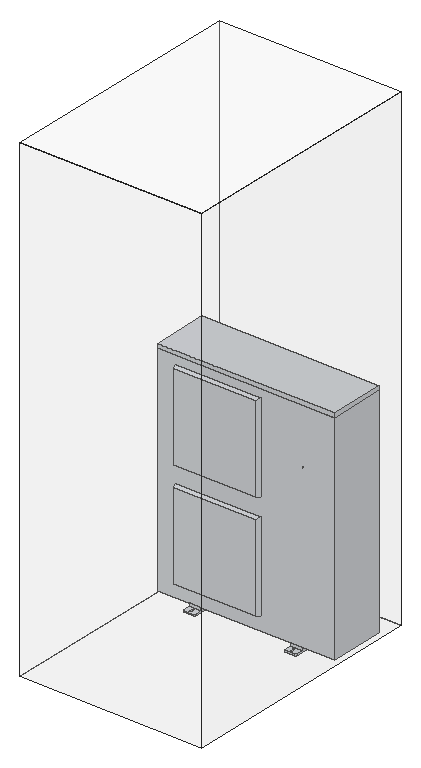
Revit family "pusy-fp80_280smh2_60hz", category 機械設備, Revit 2019
Family settings
  丸型コネクタ寸法 = 直径を使用
  パーツ タイプ = 標準
  OmniClass 番号 = 23.75.10.24.21.27.27
  OmniClass タイトル = Split System Air Conditioning Units
  作業面ベース = いいえ
  常に垂直 = はい
  ロード時にボイドで切り取り = いいえ
  共有 = いいえ
  部屋計算ポイント = いいえ
Parameters (values of type "室外機_PUSY-FP80SMH2(-BS,BSG)")
  音響パワーレベル（冷）(dB) = 70
  音響パワーレベル(dB) = 70
  電源種別 = ""
  電源位置Y = 2 mm
  電源位置Z = 985 mm
  電源位置X = 325 mm
  電圧 = 200 V
  電動機出力_送風機 = 0.12 kW
  電動機出力_圧縮機 = 1.7 kW
  集中コントローラ [instance] = ""
  運転質量 = 0.00 kg
  運転方法 = "冷暖切替"
  質量 = if(製品質量 > 運転質量, 製品質量, 運転質量) * 1.2  # 147.60 kg
  負荷分類 = 1_熱源類
  説明 = "空冷H/P PAC インバータ室外機"
  設計暖房能力 [instance] = 0 kW
  設計冷房能力_顕熱 [instance] = 0 kW
  設計冷房能力 [instance] = 0 kW
  設置方法 = "床置形"
  記号 [instance] = ""
  製造元 = "三菱電機株式会社"
  製品質量 = 123.00 kg
  製品出荷対象 = "国内"
  製品リリース年月 = "2022/9/15"
  製品グループ = ""
  系統 [instance] = ""
  符号 = "PAC"
  積算_科目 = "1 空気調和設備"
  積算_拾い区分 [instance] = ""
  相 = 1
  盤記号 [instance] = ""
  発停方法 = "付属スイッチ"
  特殊仕様 [instance] = ""
  消費電力_暖房 = 1.68 kW
  消費電力_冷房 = 1.48 kW
  消費電力 = if(消費電力_冷房 > 消費電力_暖房, 消費電力_冷房, 消費電力_暖房)  # 1.68 kW
  法定耐用年数 = "6"
  構成品番 = "PUSY-FP80SMH2 (-BS,-BSG)"
  極数 = 1
  材質 [instance] = ""
  本体マテリアル = none
  最小電線太さ_mm2 = 5.5
  最大電流値 = 27.5 A
  暖房能力 = 8 kW
  推奨ブレーカー容量 = 30 A
  据付ピッチ1 = 0 mm
  形式 = "パッケージ形 室外機"
  形名 = PUZ-ZRMP-3 : PUZ-ZRMP112KA11
  幹線記号 [instance] = ""
  始動方式 = "インバータ始動方式"
  呼称 = "パッケージ形空気調和機_室外機"
  周波数 = 60 Hz
  冷媒管（液）位置Z = 485 mm
  冷媒管位置Z_上面 = 565 mm
  冷媒管（ガス）位置Z = 420 mm
  冷媒液管_半径 = (冷媒液管径) / 2  # 4.76 mm
  冷媒ガス管_半径 = (冷媒ガス管径) / 2  # 7.94 mm
  価格 = 0
  ドレン　位置Z = 23 mm
  ドレン　位置Y = 11 mm
  ドレン　位置X = 480 mm
  アンカーボルト位置Y = 370 mm
  アンカーボルト位置X = 600 mm
  参照している仕様書等のバージョン = "公共建築物標準仕様書（機械設備工事編）平成31年度版"
  分類コード = "50053003126100"
  分類グループ = ""
  冷房能力 = 7.1 kW
  冷媒管（ガス）位置X = 483 mm
  冷媒管（液）位置X = 422 mm
  冷媒管（液）位置Y = 125 mm
  冷媒管（ガス）位置Y = 109 mm
  冷媒管長 [instance] = 0 mm
  冷媒管径符号 = "Bd"
  冷媒管径 = 100.00 mm
  冷媒管位置Z = 420 mm
  冷媒管位置Y = 111 mm
  冷媒管位置X = (冷媒管（液）位置X + 冷媒管（ガス）位置X) / 2  # 452.5 mm
  冷媒液管径 = 9.52 mm
  冷媒ガス管径 = 15.88 mm
  企業コード = "108420"
  付属品 [instance] = ""
  仕様書バージョン = "Version1.0"
  ユニット数 = 1
  ユニット3 = yes
  ユニット2 = yes
  Model = ""
  ドレン管径 = 33.00 mm
  サービススペース = yes
  コメント [instance] = ""
  ケーブル種類1 = ""
  【値が 0 の項目は組合せ形名にてご確認ください】 = ""
  Width = 1050 mm
  Version = ""
  Uniclass2015Version = "Systems v1.9"
  Uniclass2015Title = "Split coil remote air cooled condensing units"
  Uniclass2015Code = "Pr_70_65_03_84"
  URL = "https://www.mitsubishielectric.co.jp/ldg/wink/ssl/displayProduct.do?pid=321184"
  SpecificationReference = ""
  SpecificationDescription = ""
  Revision = ""
  ProductInformation = ""
  OmniClassCode = "23-33 17 13 11"
  IfcTypeProduct = ""
  IfcProduct = ""
  IfcExportType = "AIRCONDITIONINGUNIT"
  IfcExportAs = "IfcUnitaryEquipmentType"
  Height = 1338 mm
  Depth = 330 mm
  Clearance Top = 1500 mm
  Clearance Right = 15 mm
  Clearance Left = 15 mm
  Clearance Front = 1000 mm
  Clearance Bottom = 0 mm
  Clearance Back = 150 mm
  COP = 0
  Author = "三菱電機株式会社"
  APF = 0
Reference planes
  plane 1 "中心(正面/背面)": y = 74
  plane 2: z = 0
  plane 3 "中心(左/右)": x = 830
  plane 4 "右": x = 1355
  plane 5 "左": x = 305
  plane 6 "背面": y = 239
  plane 7 "正面": y = -91
  plane 8 "上部": z = 1338
  plane 9 "Clearanse Top": z = 2838
  plane 10 "SS_back": y = 389
  plane 11 "SS_front": y = -1091
  plane 12 "SS_left": x = 290
  plane 13 "SS_right": x = 1370
  plane 14: z = 0
  plane 15: y = -89
  plane 16: x = 1155
  plane 17: z = 985
  plane 18: x = 1282.5
  plane 19: y = 63
  plane 20: x = 350
  plane 21: z = 25
  plane 22: z = 23
  plane 23: x = 530
  plane 24: x = 1130
  plane 25: y = 259
  plane 26: y = -111
  plane 27: x = 1313
  plane 28: x = 1252
  plane 29 "ガス管": z = 420
  plane 30 "液管": z = 485
  plane 31: y = -51
  plane 32: y = -35
  plane 33 "冷媒管": z = 420
  plane 34: y = -37
  plane 35: z = 565
Forms (mm)
  Extrusion 1, solid, detail levels fine
    sketch origin (0, -91, 0) x (1, 0, 0) y (0, 0, 1)
      loop
        circle (1155, 985) r 13.5
    from -12 to -2
  Extrusion 2, solid, detail levels fine
    sketch origin (-1437.329, -1524, 54) x (-1, 0, 0) y (0, -1, 0)
      loop
        circle (-1787.329, -1587) r 16.5
    from -31 to -29
  Extrusion 3, solid, detail levels fine
    sketch origin (0, 0, 485) x (-1, 0, 0) y (0, -1, 0)
      loop
        circle (-1252, 51) r 4.76
    from 0 to 80
  Extrusion 4, solid, detail levels fine
    sketch origin (0, 0, 420) x (-1, 0, 0) y (0, -1, 0)
      loop
        circle (-1313, 35) r 7.94
    from 0 to 100
  Extrusion 5, solid, detail levels fine
    sketch origin (0, 0, 420) x (-1, 0, 0) y (0, -1, 0)
      loop
        circle (-1282.5, 37) r 50
    from 0 to 145
Lines and regions (mm)
  model lines, not visible
    curve 1: line (460, 178.667, 1289.179) -> (460, 297.73, 1289.179)
    curve 2: line (460, 178.667, 1056.056) -> (460, 178.667, 1289.179)
    curve 3: line (460, 297.73, 1056.056) -> (460, 178.667, 1056.056)
    curve 4: line (460, 297.73, 1289.179) -> (460, 297.73, 1056.056)
    curve 5: line (460, 47.598, 1289.179) -> (460, 166.661, 1289.179)
    curve 6: line (460, 47.598, 1056.056) -> (460, 47.598, 1289.179)
    curve 7: line (460, 166.661, 1056.056) -> (460, 47.598, 1056.056)
    curve 8: line (460, 166.661, 1289.179) -> (460, 166.661, 1056.056)
    curve 9: line (460, -83.471, 1289.179) -> (460, 35.592, 1289.179)
    curve 10: line (460, -83.471, 1056.056) -> (460, -83.471, 1289.179)
    curve 11: line (460, 35.592, 1056.056) -> (460, -83.471, 1056.056)
    curve 12: line (460, 35.592, 1289.179) -> (460, 35.592, 1056.056)
    curve 13: line (460, -150.779, 1289.179) -> (460, -95.75, 1289.179)
    curve 14: line (460, -150.779, 1056.056) -> (460, -150.779, 1289.179)
    curve 15: line (460, -95.75, 1056.056) -> (460, -150.779, 1056.056)
    curve 16: line (460, -95.75, 1289.179) -> (460, -95.75, 1056.056)
    curve 17: line (460, -150.779, 1283.175) -> (460, -132.596, 1283.175)
    curve 18: line (460, -150.779, 1062.059) -> (460, -150.779, 1283.175)
    curve 19: line (460, -132.596, 1062.059) -> (460, -150.779, 1062.059)
    curve 20: line (460, -132.596, 1283.175) -> (460, -132.596, 1062.059)
    curve 21: line (460, 178.667, 1046.051) -> (460, 297.73, 1046.051)
    curve 22: line (460, 178.667, 812.928) -> (460, 178.667, 1046.051)
    curve 23: line (460, 297.73, 812.928) -> (460, 178.667, 812.928)
    curve 24: line (460, 297.73, 1046.051) -> (460, 297.73, 812.928)
    curve 25: line (460, 47.598, 1046.051) -> (460, 166.661, 1046.051)
    curve 26: line (460, 47.598, 812.928) -> (460, 47.598, 1046.051)
    curve 27: line (460, 166.661, 812.928) -> (460, 47.598, 812.928)
    curve 28: line (460, 166.661, 1046.051) -> (460, 166.661, 812.928)
    curve 29: line (460, -83.471, 1046.051) -> (460, 35.592, 1046.051)
    curve 30: line (460, -83.471, 812.928) -> (460, -83.471, 1046.051)
    curve 31: line (460, 35.592, 812.928) -> (460, -83.471, 812.928)
    curve 32: line (460, 35.592, 1046.051) -> (460, 35.592, 812.928)
    curve 33: line (460, -150.779, 1046.051) -> (460, -95.75, 1046.051)
    curve 34: line (460, -150.779, 812.928) -> (460, -150.779, 1046.051)
    curve 35: line (460, -95.75, 812.928) -> (460, -150.779, 812.928)
    curve 36: line (460, -95.75, 1046.051) -> (460, -95.75, 812.928)
    curve 37: line (460, -150.779, 1040.048) -> (460, -132.596, 1040.048)
    curve 38: line (460, -150.779, 818.931) -> (460, -150.779, 1040.048)
    curve 39: line (460, -132.596, 818.931) -> (460, -150.779, 818.931)
    curve 40: line (460, -132.596, 1040.048) -> (460, -132.596, 818.931)
    curve 41: line (460, 178.667, 802.923) -> (460, 297.73, 802.923)
    curve 42: line (460, 178.667, 569.8) -> (460, 178.667, 802.923)
    curve 43: line (460, 297.73, 569.8) -> (460, 178.667, 569.8)
    curve 44: line (460, 297.73, 802.923) -> (460, 297.73, 569.8)
    curve 45: line (460, 47.598, 802.923) -> (460, 166.661, 802.923)
    curve 46: line (460, 47.598, 569.8) -> (460, 47.598, 802.923)
    curve 47: line (460, 166.661, 569.8) -> (460, 47.598, 569.8)
    curve 48: line (460, 166.661, 802.923) -> (460, 166.661, 569.8)
    curve 49: line (460, -83.471, 802.923) -> (460, 35.592, 802.923)
    curve 50: line (460, -83.471, 569.8) -> (460, -83.471, 802.923)
    curve 51: line (460, 35.592, 569.8) -> (460, -83.471, 569.8)
    curve 52: line (460, 35.592, 802.923) -> (460, 35.592, 569.8)
    curve 53: line (460, -150.779, 802.923) -> (460, -95.75, 802.923)
    curve 54: line (460, -150.779, 569.8) -> (460, -150.779, 802.923)
    curve 55: line (460, -95.75, 569.8) -> (460, -150.779, 569.8)
    curve 56: line (460, -95.75, 802.923) -> (460, -95.75, 569.8)
    curve 57: line (460, -150.779, 796.92) -> (460, -132.596, 796.92)
    curve 58: line (460, -150.779, 575.803) -> (460, -150.779, 796.92)
    curve 59: line (460, -132.596, 575.803) -> (460, -150.779, 575.803)
    curve 60: line (460, -132.596, 796.92) -> (460, -132.596, 575.803)
    curve 61: line (460, 178.667, 559.795) -> (460, 297.73, 559.795)
    curve 62: line (460, 178.667, 326.672) -> (460, 178.667, 559.795)
    curve 63: line (460, 297.73, 326.672) -> (460, 178.667, 326.672)
    curve 64: line (460, 297.73, 559.795) -> (460, 297.73, 326.672)
    curve 65: line (460, 47.598, 559.795) -> (460, 166.661, 559.795)
    curve 66: line (460, 47.598, 326.672) -> (460, 47.598, 559.795)
    curve 67: line (460, 166.661, 326.672) -> (460, 47.598, 326.672)
    curve 68: line (460, 166.661, 559.795) -> (460, 166.661, 326.672)
    curve 69: line (460, -83.471, 559.795) -> (460, 35.592, 559.795)
    curve 70: line (460, -83.471, 326.672) -> (460, -83.471, 559.795)
    curve 71: line (460, 35.592, 326.672) -> (460, -83.471, 326.672)
    curve 72: line (460, 35.592, 559.795) -> (460, 35.592, 326.672)
    curve 73: line (460, -150.779, 559.795) -> (460, -95.75, 559.795)
    curve 74: line (460, -150.779, 326.672) -> (460, -150.779, 559.795)
    curve 75: line (460, -95.75, 326.672) -> (460, -150.779, 326.672)
    curve 76: line (460, -95.75, 559.795) -> (460, -95.75, 326.672)
    curve 77: line (460, -150.779, 553.792) -> (460, -132.596, 553.792)
    curve 78: line (460, -150.779, 332.675) -> (460, -150.779, 553.792)
    curve 79: line (460, -132.596, 332.675) -> (460, -150.779, 332.675)
    curve 80: line (460, -132.596, 553.792) -> (460, -132.596, 332.675)
    curve 81: line (460, 178.667, 316.667) -> (460, 297.73, 316.667)
    curve 82: line (460, 178.667, 83.544) -> (460, 178.667, 316.667)
    curve 83: line (460, 297.73, 83.544) -> (460, 178.667, 83.544)
    curve 84: line (460, 297.73, 316.667) -> (460, 297.73, 83.544)
    curve 85: line (460, 47.598, 316.667) -> (460, 166.661, 316.667)
    curve 86: line (460, 47.598, 83.544) -> (460, 47.598, 316.667)
    curve 87: line (460, 166.661, 83.544) -> (460, 47.598, 83.544)
    curve 88: line (460, 166.661, 316.667) -> (460, 166.661, 83.544)
    curve 89: line (460, -83.471, 316.667) -> (460, 35.592, 316.667)
    curve 90: line (460, -83.471, 83.544) -> (460, -83.471, 316.667)
    curve 91: line (460, 35.592, 83.544) -> (460, -83.471, 83.544)
    curve 92: line (460, 35.592, 316.667) -> (460, 35.592, 83.544)
    curve 93: line (460, -150.779, 316.667) -> (460, -95.75, 316.667)
    curve 94: line (460, -150.779, 83.544) -> (460, -150.779, 316.667)
    curve 95: line (460, -95.75, 83.544) -> (460, -150.779, 83.544)
    curve 96: line (460, -95.75, 316.667) -> (460, -95.75, 83.544)
    curve 97: line (460, -150.779, 310.664) -> (460, -132.596, 310.664)
    curve 98: line (460, -150.779, 89.547) -> (460, -150.779, 310.664)
    curve 99: line (460, -132.596, 89.547) -> (460, -150.779, 89.547)
    curve 100: line (460, -132.596, 310.664) -> (460, -132.596, 89.547)
Dimensions and locks
  equal spacing: plane 7 "正面", plane 1 "中心(正面/背面)", plane 6 "背面"
  "Depth": plane 7 "正面" to plane 6 "背面"
  "Width": plane 5 "左" to plane 4 "右"
  equal spacing: plane 5 "左", plane 3 "中心(左/右)", plane 4 "右"
  "Clearance Left": plane 12 "SS_left" to plane 5 "左"
  "Clearance Right": plane 4 "右" to plane 13 "SS_right"
  "Clearance Back": plane 6 "背面" to plane 10 "SS_back"
  "Clearance Front": plane 11 "SS_front" to plane 7 "正面"
  "Height": plane 8 "上部" to level
  "Clearance Top": plane 9 "Clearanse Top" to plane 8 "上部"
  "Clearance Bottom": level to plane 14
  "電源位置X": plane 3 "中心(左/右)" to plane 16
  "電源位置Y": plane 7 "正面" to plane 15
  "電源位置Z": plane 17 to level
  "冷媒管位置X": plane 3 "中心(左/右)" to plane 18
  locked: plane 21 to plane 22 at 2
  equal spacing: plane 26, plane 1 "中心(正面/背面)", plane 25
  "アンカーボルト位置Y": plane 26 to plane 25
  equal spacing: plane 23, plane 3 "中心(左/右)", plane 24
  "アンカーボルト位置X": plane 23 to plane 24
  plane 28 to plane 27 = 61 mm
  "冷媒管（液）位置X": nested 1 to plane 28
  "冷媒管（ガス）位置X": nested 1 to plane 27
  "ドレン　位置Y": plane 19 to plane 1 "中心(正面/背面)"
  "ドレン　位置X": plane 20 to nested 1
  plane 25 to nested 2 = 19 mm
  nested 2 to plane 7 "正面" = 25 mm
  plane 5 "左" to plane 23 = 225 mm
  nested 2 to plane 26 = 28 mm
  nested 2 to nested 2 = 417 mm
  plane 7 "正面" to plane 19 = 154 mm
  plane 7 "正面" to plane 31 = 40 mm
  plane 7 "正面" to plane 32 = 56 mm
  plane 28 to plane 18 to plane 27 = 30.5 mm, 30.5 mm
  "冷媒管（ガス）位置Y": plane 32 to plane 1 "中心(正面/背面)"
  "冷媒管（液）位置Y": plane 31 to plane 1 "中心(正面/背面)"
  "冷媒管（ガス）位置Z": plane 29 "ガス管" to level
  "冷媒管（液）位置Z": plane 30 "液管" to level
  "冷媒管位置Z": plane 33 "冷媒管" to level
  "冷媒管位置Y": plane 34 to plane 1 "中心(正面/背面)"
  "冷媒管位置Z_上面": plane 35 to level
  radius of Extrusion 1 sketch curve = 13.5 mm
  "ドレン管径": diameter of Extrusion 2 sketch curve
  "冷媒液管_半径": radius of Extrusion 3 sketch curve
  "冷媒ガス管_半径": radius of Extrusion 4 sketch curve
  aligned and locked: level to plane 2
  aligned and locked: plane 10 "SS_back" to nested 1  (x2)
  aligned and locked: plane 13 "SS_right" to nested 1
  aligned and locked: plane 12 "SS_left" to nested 1  (x2)
  aligned and locked: nested 1 to plane 13 "SS_right"
  aligned and locked: plane 11 "SS_front" to nested 1
  aligned and locked: plane 9 "Clearanse Top" to nested 1
  aligned and locked: plane 1 "中心(正面/背面)" to nested 2
  aligned and locked: plane 3 "中心(左/右)" to nested 2
  aligned and locked: plane 14 to nested 1
  aligned and locked: plane 17 to Extrusion 1 sketch curve
  aligned and locked: plane 16 to Extrusion 1 sketch curve
  aligned and locked: plane 15 to Extrusion 1
  aligned and locked: plane 20 to Extrusion 2 sketch curve
  aligned and locked: plane 19 to Extrusion 2 sketch curve
  aligned and locked: plane 21 to Extrusion 2
  aligned and locked: Extrusion 2 to plane 22
  aligned and locked: plane 23 to nested 3
  aligned and locked: plane 25 to nested 3
  aligned and locked: Extrusion 4 to plane 29 "ガス管"
  aligned and locked: Extrusion 3 to plane 30 "液管"
  aligned and locked: Extrusion 5 to plane 33 "冷媒管"
  aligned and locked: plane 35 to Extrusion 5
Automatic sketch dimensions
  Extrusion 5 sketch curve to plane 18 = 0 mm
  plane 34 to Extrusion 5 sketch curve = 0 mm
  Extrusion 3 sketch curve to plane 28 = 0 mm
  plane 31 to Extrusion 3 sketch curve = 0 mm
  Extrusion 4 sketch curve to plane 27 = 0 mm
  plane 32 to Extrusion 4 sketch curve = 0 mm
  radius of Extrusion 5 sketch curve = 50 mm
Nested families
  nested 1: "サービススペース" at (830, -351, 1419), visible <- "サービススペース", type "サービススペース"
    with Width 1080 mm, Height 2838 mm, Depth 1480 mm
  nested 2: "PUZ-ZRMP-3" at (830, 74, 0), type <- "形名", type "PUZ-ZRMP112KA11"
  nested 3: "固定点" at (530, -111, 0), type "固定点"
    with W 600 mm, D 370 mm
Connectors
  electrical at (1155, -89, 985), driven by "極数", driven by "負荷分類", driven by "電圧", driven by "消費電力"
    settings: on Extrusion 1, index 2, voltage 200 V, apparent load 1680 VA, apparent load phase1 0 VA, apparent load phase2 0 VA, apparent load phase3 0 VA, power factor 1, load classification "1_熱源類", number of poles 1, system type 30, power factor state 1, is connector primary yes, connector utility no, sub classification motor no, connector description ""
  piping at (1282.5, -37, 420), diameter 100, driven by "冷媒管径"
    settings: on Extrusion 5, index 3, connector inside diameter 609.60 mm, connector length 0 mm, flow factor 0, pipe flow 0.0 L/s, pressure drop 0.0 Pa, fitting loss kfactor 0, connector angle 0.00°, fixture units 0, engagement length 0 mm, angle of deflection 0.00°, flow configuration 1, flow direction 2, fitting loss method 4, system type 7, joint type 0, gender type 0, connector reference index -1, connector utility 0, adjustable connector no, is connector primary yes, connector description "Bd"
Definition of nested family "サービススペース"
  Parameters (values of type "サービススペース")
    Width [instance] = 500 mm
    Height [instance] = 500 mm
    Depth [instance] = 500 mm
  Reference planes
    plane 1 "中心(正面/背面)": y = 0
    plane 2: z = 0
    plane 3 "中心(左/右)": x = 0
    plane 4: y = -250
    plane 5: x = 250
    plane 6: y = 250
    plane 7: x = -250
    plane 8: z = 250
    plane 9: z = -250
  Forms (mm)
    Extrusion 1, solid
      sketch origin (-638.939, 0, 72.39) x (1, 0, 0) y (0, 1, 0)
        loop
          line (388.939, 250) -> (388.939, -250) -> (888.939, -250) -> (888.939, 250) -> (388.939, 250)
      from -322.39 to 177.61
  Lines and regions (mm)
    symbolic lines
      curve 1: line (-250, 0, 250) -> (250, 0, 250)
      curve 2: line (-250, 0, -250) -> (-250, 0, 250)
      curve 3: line (250, 0, -250) -> (-250, 0, -250)
      curve 4: line (250, 0, 250) -> (250, 0, -250)
      curve 5: line (0, -250, 250) -> (0, 250, 250)
      curve 6: line (0, -250, -250) -> (0, -250, 250)
      curve 7: line (0, 250, -250) -> (0, -250, -250)
      curve 8: line (0, 250, 250) -> (0, 250, -250)
      curve 9: line (-250, 250, 0) -> (250, 250, 0)
      curve 10: line (-250, -250, 0) -> (-250, 250, 0)
      curve 11: line (250, -250, 0) -> (-250, -250, 0)
      curve 12: line (250, 250, 0) -> (250, -250, 0)
  Dimensions and locks
    equal spacing: plane 7, plane 3 "中心(左/右)", plane 5
    equal spacing: plane 4, plane 1 "中心(正面/背面)", plane 6
    "Depth": plane 4 to plane 6
    "Width": plane 7 to plane 5
    equal spacing: plane 8, plane 2, plane 9
    "Height": plane 8 to plane 9
    aligned and locked: plane 9 to curve 3
    aligned and locked: plane 7 to curve 2
    aligned and locked: curve 4 to plane 5
    aligned and locked: plane 5 to Extrusion 1
    aligned and locked: Extrusion 1 to plane 7
    aligned and locked: Extrusion 1 to plane 9
    aligned and locked: plane 8 to Extrusion 1
    aligned and locked: plane 9 to curve 7
  Automatic sketch dimensions
    plane 4 to Extrusion 1 sketch curve = 0 mm
    Extrusion 1 sketch curve to plane 7 = 0 mm
    Extrusion 1 sketch curve to plane 5 = 0 mm
    plane 6 to Extrusion 1 sketch curve = 0 mm
    curve 2 to plane 8 = 0 mm
    plane 4 to curve 11 = 0 mm
    curve 11 to plane 7 = 0 mm
    curve 11 to plane 5 = 0 mm
    plane 6 to curve 10 = 0 mm
    curve 7 to plane 4 = 0 mm
    curve 7 to plane 6 = 0 mm
    curve 6 to plane 8 = 0 mm
Definition of nested family "PUZ-ZRMP-3"
  Parameters (values of type "PUZ-ZRMP112KA11")
    配線取出口サイズ = 27 mm
    配線取出口-Z = 1063 mm
    配線取出口-Y = 325 mm
    配線取出口-X = 325 mm
    液配管サイズ = 100 mm
    高さ = 1338 mm
    換気-W = 362 mm
    換気-H2 = 632 mm
    換気-H1 = 369 mm
    換気-D = 25 mm
    奥行き = 330 mm
    吊りボルト_H = 0 mm
    吊りボルト-φ = 12 mm
    冷媒配管サイズ = 9.52 mm
    冷媒液管径-Z = 485 mm
    冷媒液管径-Y = 290 mm
    冷媒液管径-X = 422 mm
    冷媒ガス管径-Z = 420 mm
    冷媒ガス管径-Y = 234 mm
    冷媒ガス管径-X = 483 mm
    吊りボルト-W = 600 mm
    マテリアル = none
    ドレン配管サイズ = 33 mm
    ドレン管径-Z = 0 mm
    ドレン管径-Y = 154 mm
    ドレン管径-X = 480 mm
    タイプ3 = yes
    タイプ2 = no
    タイプ1 = no
    ガス配管サイズ = 15.88 mm
    吊りボルト-D = 370 mm
    幅さ = 1050 mm
    a = 幅さ / 2  # 525 mm
  Types (3, lengths in mm): name | 冷媒配管サイズ | 冷媒液管径-Z | 冷媒液管径-X | 冷媒ガス管径-Z | 冷媒ガス管径-Y | 冷媒ガス管径-X | ガス配管サイズ
    PUZ-ZRMP112KA11 | 9.52 | 485 | 422 | 420 | 234 | 483 | 15.88
    PUZ-ZRMP224KA | 19.05 | 450 | 423 | 337 | 236 | 479 | 25.4
    PUZ-ZRMP280KA | 19.05 | 424 | 423 | 337 | 236 | 479 | 25.4
  Reference planes
    plane 1 "中心(正面/背面)": y = 0
    plane 2: z = 0
    plane 3 "中心(左/右)": x = 0
    plane 4: z = 1338
    plane 5: x = -525
    plane 6: x = 525
    plane 7: y = 165
    plane 8: y = -165
    plane 9: x = 587
    plane 10: y = -105
    plane 11: y = 5
    plane 12: z = 1313
    plane 13: x = -545
    plane 14: x = -300
    plane 15: x = 300
    plane 16: y = 185
    plane 17: y = -185
    plane 18: x = 335
    plane 19: x = 265
    plane 20: x = -265
    plane 21: x = -335
    plane 22: y = 204
    plane 23: z = 8.5
    plane 24: z = 25
    plane 25: z = 23
    plane 26: z = 1333
    plane 27: y = -40
    plane 28: y = 40
    plane 29: y = -30
    plane 30: y = 30
    plane 31: z = 1318
    plane 32: z = 55
    plane 33: z = 225
    plane 34: z = 570
    plane 35: x = 535
    plane 36: x = 556
    plane 37: y = -190
    plane 38: x = -163
    plane 39: z = 369
    plane 40: x = 91
    plane 41: x = -417
    plane 42: z = 633
    plane 43: z = 105
    plane 44: x = -407
    plane 45: x = 81
    plane 46: z = 623
    plane 47: z = 115
    plane 48: y = 115
    plane 49: y = -115
    plane 50: x = -480
    plane 51: y = -11
    plane 52: x = 325
    plane 53: y = -160
    plane 54: y = -125
    plane 55: y = -69
    plane 56: z = 1063
    plane 57: y = -110
    plane 58: y = -97
    plane 59 "グループ": x = -525
    plane 60: z = 1338
    plane 61: z = 943
    plane 62: z = 1001
    plane 63: z = 1265
    plane 64: z = 737
    plane 65: z = 1255
    plane 66: z = 747
    plane 67: y = 125
    plane 68: x = -370
    plane 69: x = -210
    plane 70: x = -50
    plane 71: x = 110
    plane 72: y = -213
  Forms (mm)
    Extrusion 1, solid, visible <- "タイプ3", detail levels fine
      sketch origin (-1437.329, -1524, 1338) x (-1, 0, 0) y (0, -1, 0)
        loop
          line (-1102.329, -1689) -> (-1102.329, -1359) -> (-1172.329, -1359) -> (-1172.329, -1689) -> (-1102.329, -1689)
        loop
          line (-1702.329, -1689) -> (-1702.329, -1359) -> (-1772.329, -1359) -> (-1772.329, -1689) -> (-1702.329, -1689)
      from -1338 to -1313
    Extrusion 2, solid, material <- "マテリアル", visible <- "タイプ3", detail levels fine
      sketch origin (-1437.329, -1524, 1338) x (-1, 0, 0) y (0, -1, 0)
        loop
          line (-1962.329, -1689) -> (-912.329, -1689) -> (-912.329, -1359) -> (-1962.329, -1359) -> (-1962.329, -1689)
      from -1313 to -25
    Extrusion 3, solid, material <- "マテリアル", visible <- "タイプ3", detail levels fine
      sketch origin (-1437.329, -1524, 1338) x (-1, 0, 0) y (0, -1, 0)
        loop
          line (-912.329, -1689) -> (-912.329, -1359) -> (-1962.329, -1359) -> (-1962.329, -1689) -> (-912.329, -1689)
      from -25 to 0
    Blend 4, solid, material <- "マテリアル", visible <- "タイプ3", detail levels fine
      base sketch origin (0, 0, 0) x (1, 0, 0) y (0, 0, 1)
        loop
          line (-417, 633) -> (-417, 105) -> (91, 105) -> (91, 633) -> (-417, 633)
      top sketch origin (0, 0, 0) x (1, 0, 0) y (0, 0, 1)
        loop
          line (-407, 623) -> (-407, 115) -> (81, 115) -> (81, 623) -> (-407, 623)
      from 165 to 190
    Blend 5, solid, material <- "マテリアル", visible <- "タイプ3", detail levels fine
      base sketch origin (1480.036, -190, 1200) x (1, 0, 0) y (0, 0, 1)
        loop
          line (-1897.036, 65) -> (-1897.036, -463) -> (-1389.036, -463) -> (-1389.036, 65) -> (-1897.036, 65)
      top sketch origin (1480.036, -190, 1200) x (1, 0, 0) y (0, 0, 1)
        loop
          line (-1887.036, 55) -> (-1887.036, -453) -> (-1399.036, -453) -> (-1399.036, 55) -> (-1887.036, 55)
      from -25 to 0
    Extrusion 6, solid, visible <- "タイプ3", detail levels fine
      sketch origin (-1437.329, -1524, 1338) x (-1, 0, 0) y (0, -1, 0)
        loop
          line (-1102.329, -1728) -> (-1102.329, -1689) -> (-1172.329, -1689) -> (-1172.329, -1728) -> (-1143.329, -1728) -> (-1143.329, -1709)
          arc (-1143.329, -1709) -> (-1137.329, -1703) -> (-1131.329, -1709) r 6
          line (-1131.329, -1709) -> (-1131.329, -1728) -> (-1102.329, -1728)
        loop
          line (-1102.329, -1359) -> (-1102.329, -1316)
          arc (-1102.329, -1316) -> (-1103.794, -1312.464) -> (-1107.329, -1311) r 5
          line (-1107.329, -1311) -> (-1167.329, -1311)
          arc (-1167.329, -1311) -> (-1170.865, -1312.464) -> (-1172.329, -1316) r 5
          line (-1172.329, -1316) -> (-1172.329, -1359) -> (-1102.329, -1359)
        loop
          arc (-1143.329, -1339) -> (-1137.329, -1345) -> (-1131.329, -1339) r 6
          line (-1131.329, -1339) -> (-1131.329, -1324)
          arc (-1131.329, -1324) -> (-1137.329, -1318) -> (-1143.329, -1324) r 6
          line (-1143.329, -1324) -> (-1143.329, -1339)
        loop
          line (-1772.329, -1728) -> (-1743.329, -1728) -> (-1743.329, -1709)
          arc (-1743.329, -1709) -> (-1737.329, -1703) -> (-1731.329, -1709) r 6
          line (-1731.329, -1709) -> (-1731.329, -1728) -> (-1702.329, -1728) -> (-1702.329, -1689) -> (-1772.329, -1689) -> (-1772.329, -1728)
        loop
          line (-1772.329, -1359) -> (-1702.329, -1359) -> (-1702.329, -1316)
          arc (-1702.329, -1316) -> (-1703.794, -1312.464) -> (-1707.329, -1311) r 5
          line (-1707.329, -1311) -> (-1767.329, -1311)
          arc (-1767.329, -1311) -> (-1770.865, -1312.464) -> (-1772.329, -1316) r 5
          line (-1772.329, -1316) -> (-1772.329, -1359)
        loop
          line (-1731.329, -1339) -> (-1731.329, -1324)
          arc (-1731.329, -1324) -> (-1737.329, -1318) -> (-1743.329, -1324) r 6
          line (-1743.329, -1324) -> (-1743.329, -1339)
          arc (-1743.329, -1339) -> (-1737.329, -1345) -> (-1731.329, -1339) r 6
      from -1338 to -1329.5
    Extrusion 7, solid, material <- "マテリアル", visible <- "タイプ3", detail levels fine
      sketch origin (-1437.329, -1524, 1338) x (-1, 0, 0) y (0, -1, 0)
        loop
          circle (-957.329, -1513) r 16.5
        loop
          circle (-1067.329, -1649) r 16.5
        loop
          circle (-1227.329, -1649) r 16.5
        loop
          circle (-1387.329, -1649) r 16.5
        loop
          circle (-1547.329, -1649) r 16.5
      from -1315 to -1313
  Cuts and joins
    joined: Extrusion 1, Extrusion 6
  Lines and regions (mm)
    Masking region 1, visible <- "タイプ3", detail levels coarse+medium
      outline origin (-1437.329, -1524, 1338) x (-1, 0, 0) y (0, -1, 0)
        loop
          line (-1962.329, -1689) -> (-1772.329, -1689) -> (-1772.329, -1728) -> (-1702.329, -1728) -> (-1702.329, -1689) -> (-1172.329, -1689) -> (-1172.329, -1728) -> (-1102.329, -1728) -> (-1102.329, -1689) -> (-912.329, -1689) -> (-912.329, -1359) -> (-1020.329, -1359) -> (-1030.329, -1334) -> (-1102.329, -1334) -> (-1102.329, -1311) -> (-1172.329, -1311) -> (-1172.329, -1334) -> (-1518.329, -1334) -> (-1528.329, -1359) -> (-1702.329, -1359) -> (-1702.329, -1311) -> (-1772.329, -1311) -> (-1772.329, -1359) -> (-1962.329, -1359) -> (-1962.329, -1689)
    model lines, visible <- "タイプ3", detail levels fine
      curve 1: line (446.5, 115, 1338) -> (-445, 115, 1338)
      curve 2: line (-445, -115, 1338) -> (446.5, -115, 1338)
      curve 3: line (-445, -45, 1338) -> (446.5, -45, 1338)
      curve 4: line (446.5, 45, 1338) -> (-445, 45, 1338)
      curve 5: line (-445, -35, 1338) -> (446.5, -35, 1338)
      curve 6: line (446.5, 35, 1338) -> (-445, 35, 1338)
      curve 7: line (-445, 115, 1338) -> (-445, 45, 1338)
      curve 8: line (446.5, -115, 1338) -> (446.5, -45, 1338)
      curve 9: line (-445, 35, 1338) -> (-445, -35, 1338)
      curve 10: line (-445, -45, 1338) -> (-445, -115, 1338)
      curve 11: line (446.5, -35, 1338) -> (446.5, 35, 1338)
      curve 12: line (446.5, 45, 1338) -> (446.5, 115, 1338)
      curve 13: line (479, -115, 1338) -> (479, 115, 1338)
      curve 14: line (461.5, -115, 1338) -> (461.5, 115, 1338)
      curve 15: line (-475, 115, 1338) -> (-475, -115, 1338)
      curve 16: line (-460, 115, 1338) -> (-460, -115, 1338)
      curve 17: line (-460, 115, 1338) -> (-475, 115, 1338)
      curve 18: line (-460, -115, 1338) -> (-475, -115, 1338)
      curve 19: line (461.5, 115, 1338) -> (479, 115, 1338)
      curve 20: line (461.5, -115, 1338) -> (479, -115, 1338)
      curve 21: line (-407, -190, 416.5) -> (81, -190, 416.5)
      curve 22: line (81, -190, 321.5) -> (-407, -190, 321.5)
      curve 23: line (-407, -190, 511.5) -> (81, -190, 511.5)
      curve 24: line (-407, -190, 606.5) -> (81, -190, 606.5)
      curve 25: line (81, -190, 226.5) -> (-407, -190, 226.5)
      curve 26: line (81, -190, 131.5) -> (-407, -190, 131.5)
      curve 27: line (-389.571, -190, 623) -> (-389.571, -190, 115)
      curve 28: line (63.571, -190, 115) -> (63.571, -190, 623)
      curve 29: line (-372.143, -190, 623) -> (-372.143, -190, 115)
      curve 30: line (-354.714, -190, 623) -> (-354.714, -190, 115)
      curve 31: line (-337.286, -190, 623) -> (-337.286, -190, 115)
      curve 32: line (-319.857, -190, 623) -> (-319.857, -190, 115)
      curve 33: line (-302.429, -190, 623) -> (-302.429, -190, 115)
      curve 34: line (-285, -190, 623) -> (-285, -190, 115)
      curve 35: line (-267.571, -190, 623) -> (-267.571, -190, 115)
      curve 36: line (-250.143, -190, 623) -> (-250.143, -190, 115)
      curve 37: line (-232.714, -190, 623) -> (-232.714, -190, 115)
      curve 38: line (-215.286, -190, 623) -> (-215.286, -190, 115)
      curve 39: line (-197.857, -190, 623) -> (-197.857, -190, 115)
      curve 40: line (-180.429, -190, 623) -> (-180.429, -190, 115)
      curve 41: line (-163, -190, 623) -> (-163, -190, 115)
      curve 42: line (-145.571, -190, 623) -> (-145.571, -190, 115)
      curve 43: line (-128.143, -190, 623) -> (-128.143, -190, 115)
      curve 44: line (-110.714, -190, 623) -> (-110.714, -190, 115)
      curve 45: line (-93.286, -190, 623) -> (-93.286, -190, 115)
      curve 46: line (-75.857, -190, 623) -> (-75.857, -190, 115)
      curve 47: line (-58.429, -190, 623) -> (-58.429, -190, 115)
      curve 48: line (-41, -190, 623) -> (-41, -190, 115)
      curve 49: line (-23.571, -190, 623) -> (-23.571, -190, 115)
      curve 50: line (-6.143, -190, 623) -> (-6.143, -190, 115)
      curve 51: line (11.286, -190, 623) -> (11.286, -190, 115)
      curve 52: line (28.714, -190, 623) -> (28.714, -190, 115)
      curve 53: line (46.143, -190, 623) -> (46.143, -190, 115)
      curve 54: line (-525, -100, 87) -> (-525, -60, 87)
      curve 55: line (-525, -100, 277) -> (-525, -100, 87)
      curve 56: line (-525, -60, 277) -> (-525, -100, 277)
      curve 57: line (-525, -60, 87) -> (-525, -60, 277)
      curve 58: line (-525, -100, 292) -> (-525, -60, 292)
      curve 59: line (-525, -100, 482) -> (-525, -100, 292)
      curve 60: line (-525, -60, 482) -> (-525, -100, 482)
      curve 61: line (-525, -60, 292) -> (-525, -60, 482)
      curve 62: line (-525, -100, 497) -> (-525, -60, 497)
      curve 63: line (-525, -100, 687) -> (-525, -100, 497)
      curve 64: line (-525, -60, 687) -> (-525, -100, 687)
      curve 65: line (-525, -60, 497) -> (-525, -60, 687)
      curve 66: line (-525, -100, 702) -> (-525, -60, 702)
      curve 67: line (-525, -100, 892) -> (-525, -100, 702)
      curve 68: line (-525, -60, 892) -> (-525, -100, 892)
      curve 69: line (-525, -60, 702) -> (-525, -60, 892)
      curve 70: line (-525, 60, 87) -> (-525, 100, 87)
      curve 71: line (-525, 60, 277) -> (-525, 60, 87)
      curve 72: line (-525, 100, 277) -> (-525, 60, 277)
      curve 73: line (-525, 100, 87) -> (-525, 100, 277)
      curve 74: line (-525, -46.667, 87) -> (-525, -6.667, 87)
      curve 75: line (-525, -46.667, 277) -> (-525, -46.667, 87)
      curve 76: line (-525, -6.667, 277) -> (-525, -46.667, 277)
      curve 77: line (-525, -6.667, 87) -> (-525, -6.667, 277)
      curve 78: line (-525, 6.667, 87) -> (-525, 46.667, 87)
      curve 79: line (-525, 6.667, 277) -> (-525, 6.667, 87)
      curve 80: line (-525, 46.667, 277) -> (-525, 6.667, 277)
      curve 81: line (-525, 46.667, 87) -> (-525, 46.667, 277)
      curve 82: line (-525, 60, 292) -> (-525, 100, 292)
      curve 83: line (-525, 60, 482) -> (-525, 60, 292)
      curve 84: line (-525, 100, 482) -> (-525, 60, 482)
      curve 85: line (-525, 100, 292) -> (-525, 100, 482)
      curve 86: line (-525, 60, 702) -> (-525, 100, 702)
      curve 87: line (-525, 60, 892) -> (-525, 60, 702)
      curve 88: line (-525, 100, 892) -> (-525, 60, 892)
      curve 89: line (-525, 100, 702) -> (-525, 100, 892)
      curve 90: line (-525, -46.667, 292) -> (-525, -6.667, 292)
      curve 91: line (-525, -46.667, 482) -> (-525, -46.667, 292)
      curve 92: line (-525, -6.667, 482) -> (-525, -46.667, 482)
      curve 93: line (-525, -6.667, 292) -> (-525, -6.667, 482)
      curve 94: line (-525, -46.667, 497) -> (-525, -6.667, 497)
      curve 95: line (-525, -46.667, 687) -> (-525, -46.667, 497)
      curve 96: line (-525, -6.667, 687) -> (-525, -46.667, 687)
      curve 97: line (-525, -6.667, 497) -> (-525, -6.667, 687)
      curve 98: line (-525, -46.667, 702) -> (-525, -6.667, 702)
      curve 99: line (-525, -46.667, 892) -> (-525, -46.667, 702)
      curve 100: line (-525, -6.667, 892) -> (-525, -46.667, 892)
      curve 101: line (-525, -6.667, 702) -> (-525, -6.667, 892)
      curve 102: line (-525, 6.667, 292) -> (-525, 46.667, 292)
      curve 103: line (-525, 6.667, 482) -> (-525, 6.667, 292)
      curve 104: line (-525, 46.667, 482) -> (-525, 6.667, 482)
      curve 105: line (-525, 46.667, 292) -> (-525, 46.667, 482)
      curve 106: line (-525, 6.667, 497) -> (-525, 46.667, 497)
      curve 107: line (-525, 6.667, 687) -> (-525, 6.667, 497)
      curve 108: line (-525, 46.667, 687) -> (-525, 6.667, 687)
      curve 109: line (-525, 46.667, 497) -> (-525, 46.667, 687)
      curve 110: line (-525, 6.667, 702) -> (-525, 46.667, 702)
      curve 111: line (-525, 6.667, 892) -> (-525, 6.667, 702)
      curve 112: line (-525, 46.667, 892) -> (-525, 6.667, 892)
      curve 113: line (-525, 46.667, 702) -> (-525, 46.667, 892)
      curve 114: line (-525, -100, 907) -> (-525, -60, 907)
      curve 115: line (-525, -100, 1097) -> (-525, -100, 907)
      curve 116: line (-525, -60, 1097) -> (-525, -100, 1097)
      curve 117: line (-525, -60, 907) -> (-525, -60, 1097)
      curve 118: line (-525, 60, 907) -> (-525, 100, 907)
      curve 119: line (-525, 60, 1097) -> (-525, 60, 907)
      curve 120: line (-525, 100, 1097) -> (-525, 60, 1097)
      curve 121: line (-525, 100, 907) -> (-525, 100, 1097)
      curve 122: line (-525, -46.667, 907) -> (-525, -6.667, 907)
      curve 123: line (-525, -46.667, 1097) -> (-525, -46.667, 907)
      curve 124: line (-525, -6.667, 1097) -> (-525, -46.667, 1097)
      curve 125: line (-525, -6.667, 907) -> (-525, -6.667, 1097)
      curve 126: line (-525, 6.667, 907) -> (-525, 46.667, 907)
      curve 127: line (-525, 6.667, 1097) -> (-525, 6.667, 907)
      curve 128: line (-525, 46.667, 1097) -> (-525, 6.667, 1097)
      curve 129: line (-525, 46.667, 907) -> (-525, 46.667, 1097)
      curve 130: line (-525, -100, 1112) -> (-525, -60, 1112)
      curve 131: line (-525, -100, 1302) -> (-525, -100, 1112)
      curve 132: line (-525, -60, 1302) -> (-525, -100, 1302)
      curve 133: line (-525, -60, 1112) -> (-525, -60, 1302)
      curve 134: line (-525, 60, 1112) -> (-525, 100, 1112)
      curve 135: line (-525, 60, 1302) -> (-525, 60, 1112)
      curve 136: line (-525, 100, 1302) -> (-525, 60, 1302)
      curve 137: line (-525, 100, 1112) -> (-525, 100, 1302)
      curve 138: line (-525, -46.667, 1112) -> (-525, -6.667, 1112)
      curve 139: line (-525, -46.667, 1302) -> (-525, -46.667, 1112)
      curve 140: line (-525, -6.667, 1302) -> (-525, -46.667, 1302)
      curve 141: line (-525, -6.667, 1112) -> (-525, -6.667, 1302)
      curve 142: line (-525, 6.667, 1112) -> (-525, 46.667, 1112)
      curve 143: line (-525, 6.667, 1302) -> (-525, 6.667, 1112)
      curve 144: line (-525, 46.667, 1302) -> (-525, 6.667, 1302)
      curve 145: line (-525, 46.667, 1112) -> (-525, 46.667, 1302)
      curve 303: line (81, -190, 1238.5) -> (-407, -190, 1238.5)
      curve 304: line (-407, -190, 763.5) -> (81, -190, 763.5)
      curve 305: line (-389.571, -190, 1255) -> (-389.571, -190, 747)
      curve 306: line (81, -190, 858.5) -> (-407, -190, 858.5)
      curve 307: line (81, -190, 1143.5) -> (-407, -190, 1143.5)
      curve 308: line (81, -190, 1048.5) -> (-407, -190, 1048.5)
      curve 309: line (-407, -190, 953.5) -> (81, -190, 953.5)
      curve 310: line (-372.143, -190, 1255) -> (-372.143, -190, 747)
      curve 311: line (-354.714, -190, 1255) -> (-354.714, -190, 747)
      curve 312: line (-337.286, -190, 1255) -> (-337.286, -190, 747)
      curve 313: line (-319.857, -190, 1255) -> (-319.857, -190, 747)
      curve 314: line (-302.429, -190, 1255) -> (-302.429, -190, 747)
      curve 315: line (-285, -190, 1255) -> (-285, -190, 747)
      curve 316: line (-267.571, -190, 1255) -> (-267.571, -190, 747)
      curve 317: line (-250.143, -190, 1255) -> (-250.143, -190, 747)
      curve 318: line (-232.714, -190, 1255) -> (-232.714, -190, 747)
      curve 319: line (-215.286, -190, 1255) -> (-215.286, -190, 747)
      curve 320: line (-197.857, -190, 1255) -> (-197.857, -190, 747)
      curve 321: line (-180.429, -190, 1255) -> (-180.429, -190, 747)
      curve 322: line (-163, -190, 1255) -> (-163, -190, 747)
      curve 323: line (-145.571, -190, 1255) -> (-145.571, -190, 747)
      curve 324: line (-128.143, -190, 1255) -> (-128.143, -190, 747)
      curve 325: line (-110.714, -190, 1255) -> (-110.714, -190, 747)
      curve 326: line (-93.286, -190, 1255) -> (-93.286, -190, 747)
      curve 327: line (-75.857, -190, 1255) -> (-75.857, -190, 747)
      curve 328: line (-58.429, -190, 1255) -> (-58.429, -190, 747)
      curve 329: line (-41, -190, 1255) -> (-41, -190, 747)
      curve 330: line (-23.571, -190, 1255) -> (-23.571, -190, 747)
      curve 331: line (-6.143, -190, 1255) -> (-6.143, -190, 747)
      curve 332: line (11.286, -190, 1255) -> (11.286, -190, 747)
      curve 333: line (28.714, -190, 1255) -> (28.714, -190, 747)
      curve 334: line (46.143, -190, 1255) -> (46.143, -190, 747)
      curve 335: line (63.571, -190, 1255) -> (63.571, -190, 747)
    model lines, visible <- "タイプ3", not visible, detail levels fine
      curve 146: line (-525, -100, 907) -> (-525, -60, 907)
      curve 147: line (-525, -100, 1097) -> (-525, -100, 907)
      curve 148: line (-525, -60, 1097) -> (-525, -100, 1097)
      curve 149: line (-525, -60, 907) -> (-525, -60, 1097)
      curve 150: line (-525, 60, 907) -> (-525, 100, 907)
      curve 151: line (-525, 60, 1097) -> (-525, 60, 907)
      curve 152: line (-525, 100, 1097) -> (-525, 60, 1097)
      curve 153: line (-525, 100, 907) -> (-525, 100, 1097)
      curve 154: line (-525, -46.667, 907) -> (-525, -6.667, 907)
      curve 155: line (-525, -46.667, 1097) -> (-525, -46.667, 907)
      curve 156: line (-525, -6.667, 1097) -> (-525, -46.667, 1097)
      curve 157: line (-525, -6.667, 907) -> (-525, -6.667, 1097)
      curve 158: line (-525, 6.667, 907) -> (-525, 46.667, 907)
      curve 159: line (-525, 6.667, 1097) -> (-525, 6.667, 907)
      curve 160: line (-525, 46.667, 1097) -> (-525, 6.667, 1097)
      curve 161: line (-525, 46.667, 907) -> (-525, 46.667, 1097)
      curve 162: line (-525, -100, 1112) -> (-525, -60, 1112)
      curve 163: line (-525, -100, 1302) -> (-525, -100, 1112)
      curve 164: line (-525, -60, 1302) -> (-525, -100, 1302)
      curve 165: line (-525, -60, 1112) -> (-525, -60, 1302)
      curve 166: line (-525, 60, 1112) -> (-525, 100, 1112)
      curve 167: line (-525, 60, 1302) -> (-525, 60, 1112)
      curve 168: line (-525, 100, 1302) -> (-525, 60, 1302)
      curve 169: line (-525, 100, 1112) -> (-525, 100, 1302)
      curve 170: line (-525, -46.667, 1112) -> (-525, -6.667, 1112)
      curve 171: line (-525, -46.667, 1302) -> (-525, -46.667, 1112)
      curve 172: line (-525, -6.667, 1302) -> (-525, -46.667, 1302)
      curve 173: line (-525, -6.667, 1112) -> (-525, -6.667, 1302)
      curve 174: line (-525, 6.667, 1112) -> (-525, 46.667, 1112)
      curve 175: line (-525, 6.667, 1302) -> (-525, 6.667, 1112)
      curve 176: line (-525, 46.667, 1302) -> (-525, 6.667, 1302)
      curve 177: line (-525, 46.667, 1112) -> (-525, 46.667, 1302)
      curve 194: line (-525, -100, 87) -> (-525, -60, 87)
      curve 195: line (-525, -100, 277) -> (-525, -100, 87)
      curve 196: line (-525, -60, 277) -> (-525, -100, 277)
      curve 197: line (-525, -60, 87) -> (-525, -60, 277)
      curve 198: line (-525, -100, 292) -> (-525, -60, 292)
      curve 199: line (-525, -100, 482) -> (-525, -100, 292)
      curve 200: line (-525, -60, 482) -> (-525, -100, 482)
      curve 201: line (-525, -60, 292) -> (-525, -60, 482)
      curve 202: line (-525, -100, 497) -> (-525, -60, 497)
      curve 203: line (-525, -100, 687) -> (-525, -100, 497)
      curve 204: line (-525, -60, 687) -> (-525, -100, 687)
      curve 205: line (-525, -60, 497) -> (-525, -60, 687)
      curve 206: line (-525, -100, 702) -> (-525, -60, 702)
      curve 207: line (-525, -100, 892) -> (-525, -100, 702)
      curve 208: line (-525, -60, 892) -> (-525, -100, 892)
      curve 209: line (-525, -60, 702) -> (-525, -60, 892)
      curve 210: line (-525, 60, 87) -> (-525, 100, 87)
      curve 211: line (-525, 60, 277) -> (-525, 60, 87)
      curve 212: line (-525, 100, 277) -> (-525, 60, 277)
      curve 213: line (-525, 100, 87) -> (-525, 100, 277)
      curve 214: line (-525, -46.667, 87) -> (-525, -6.667, 87)
      curve 215: line (-525, -46.667, 277) -> (-525, -46.667, 87)
      curve 216: line (-525, -6.667, 277) -> (-525, -46.667, 277)
      curve 217: line (-525, -6.667, 87) -> (-525, -6.667, 277)
      curve 218: line (-525, 6.667, 87) -> (-525, 46.667, 87)
      curve 219: line (-525, 6.667, 277) -> (-525, 6.667, 87)
      curve 220: line (-525, 46.667, 277) -> (-525, 6.667, 277)
      curve 221: line (-525, 46.667, 87) -> (-525, 46.667, 277)
      curve 222: line (-525, 60, 292) -> (-525, 100, 292)
      curve 223: line (-525, 60, 482) -> (-525, 60, 292)
      curve 224: line (-525, 100, 482) -> (-525, 60, 482)
      curve 225: line (-525, 100, 292) -> (-525, 100, 482)
      curve 226: line (-525, 60, 702) -> (-525, 100, 702)
      curve 227: line (-525, 60, 892) -> (-525, 60, 702)
      curve 228: line (-525, 100, 892) -> (-525, 60, 892)
      curve 229: line (-525, 100, 702) -> (-525, 100, 892)
      curve 230: line (-525, -46.667, 292) -> (-525, -6.667, 292)
      curve 231: line (-525, -46.667, 482) -> (-525, -46.667, 292)
      curve 232: line (-525, -6.667, 482) -> (-525, -46.667, 482)
      curve 233: line (-525, -6.667, 292) -> (-525, -6.667, 482)
      curve 234: line (-525, -46.667, 497) -> (-525, -6.667, 497)
      curve 235: line (-525, -46.667, 687) -> (-525, -46.667, 497)
      curve 236: line (-525, -6.667, 687) -> (-525, -46.667, 687)
      curve 237: line (-525, -6.667, 497) -> (-525, -6.667, 687)
      curve 238: line (-525, -46.667, 702) -> (-525, -6.667, 702)
      curve 239: line (-525, -46.667, 892) -> (-525, -46.667, 702)
      curve 240: line (-525, -6.667, 892) -> (-525, -46.667, 892)
      curve 241: line (-525, -6.667, 702) -> (-525, -6.667, 892)
      curve 242: line (-525, 6.667, 292) -> (-525, 46.667, 292)
      curve 243: line (-525, 6.667, 482) -> (-525, 6.667, 292)
      curve 244: line (-525, 46.667, 482) -> (-525, 6.667, 482)
      curve 245: line (-525, 46.667, 292) -> (-525, 46.667, 482)
      curve 246: line (-525, 6.667, 497) -> (-525, 46.667, 497)
      curve 247: line (-525, 6.667, 687) -> (-525, 6.667, 497)
      curve 248: line (-525, 46.667, 687) -> (-525, 6.667, 687)
      curve 249: line (-525, 46.667, 497) -> (-525, 46.667, 687)
      curve 250: line (-525, 6.667, 702) -> (-525, 46.667, 702)
      curve 251: line (-525, 6.667, 892) -> (-525, 6.667, 702)
      curve 252: line (-525, 46.667, 892) -> (-525, 6.667, 892)
      curve 253: line (-525, 46.667, 702) -> (-525, 46.667, 892)
    model lines, visible <- "タイプ2", not visible
      curve 178: line (-600, -100, 33.5) -> (-600, -60, 33.5)
      curve 179: line (-600, -100, 73.5) -> (-600, -100, 33.5)
      curve 180: line (-600, -60, 73.5) -> (-600, -100, 73.5)
      curve 181: line (-600, -60, 33.5) -> (-600, -60, 73.5)
      curve 182: line (-600, 60, 33.5) -> (-600, 100, 33.5)
      curve 183: line (-600, 60, 73.5) -> (-600, 60, 33.5)
      curve 184: line (-600, 100, 73.5) -> (-600, 60, 73.5)
      curve 185: line (-600, 100, 33.5) -> (-600, 100, 73.5)
      curve 186: line (-509, -46.667, 33.5) -> (-509, -6.667, 33.5)
      curve 187: line (-509, -46.667, 73.5) -> (-509, -46.667, 33.5)
      curve 188: line (-509, -6.667, 73.5) -> (-509, -46.667, 73.5)
      curve 189: line (-509, -6.667, 33.5) -> (-509, -6.667, 73.5)
      curve 190: line (-509, 6.667, 33.5) -> (-509, 46.667, 33.5)
      curve 191: line (-509, 6.667, 73.5) -> (-509, 6.667, 33.5)
      curve 192: line (-509, 46.667, 73.5) -> (-509, 6.667, 73.5)
      curve 193: line (-509, 46.667, 33.5) -> (-509, 46.667, 73.5)
      curve 287: line (-404.5, -100, 33.5) -> (-404.5, -60, 33.5)
      curve 288: line (-404.5, -100, 73.5) -> (-404.5, -100, 33.5)
      curve 289: line (-404.5, -60, 73.5) -> (-404.5, -100, 73.5)
      curve 290: line (-404.5, -60, 33.5) -> (-404.5, -60, 73.5)
      curve 291: line (-404.5, 60, 33.5) -> (-404.5, 100, 33.5)
      curve 292: line (-404.5, 60, 73.5) -> (-404.5, 60, 33.5)
      curve 293: line (-404.5, 100, 73.5) -> (-404.5, 60, 73.5)
      curve 294: line (-404.5, 100, 33.5) -> (-404.5, 100, 73.5)
      curve 295: line (-404.5, -46.667, 33.5) -> (-404.5, -6.667, 33.5)
      curve 296: line (-404.5, -46.667, 73.5) -> (-404.5, -46.667, 33.5)
      curve 297: line (-404.5, -6.667, 73.5) -> (-404.5, -46.667, 73.5)
      curve 298: line (-404.5, -6.667, 33.5) -> (-404.5, -6.667, 73.5)
      curve 299: line (-404.5, 6.667, 33.5) -> (-404.5, 46.667, 33.5)
      curve 300: line (-404.5, 6.667, 73.5) -> (-404.5, 6.667, 33.5)
      curve 301: line (-404.5, 46.667, 73.5) -> (-404.5, 6.667, 73.5)
      curve 302: line (-404.5, 46.667, 33.5) -> (-404.5, 46.667, 73.5)
    model lines, not visible
      curve 254: line (-338.5, -173.2, 372.5) -> (149.5, -173.2, 372.5)
      curve 255: line (149.5, -173.2, 277.5) -> (-338.5, -173.2, 277.5)
      curve 256: line (-338.5, -173.2, 467.5) -> (149.5, -173.2, 467.5)
      curve 257: line (-338.5, -173.2, 562.5) -> (149.5, -173.2, 562.5)
      curve 258: line (149.5, -173.2, 182.5) -> (-338.5, -173.2, 182.5)
      curve 259: line (149.5, -173.2, 87.5) -> (-338.5, -173.2, 87.5)
      curve 260: line (-321.071, -173.2, 579) -> (-321.071, -173.2, 71)
      curve 261: line (132.071, -173.2, 71) -> (132.071, -173.2, 579)
      curve 262: line (-303.643, -173.2, 579) -> (-303.643, -173.2, 71)
      curve 263: line (-286.214, -173.2, 579) -> (-286.214, -173.2, 71)
      curve 264: line (-268.786, -173.2, 579) -> (-268.786, -173.2, 71)
      curve 265: line (-251.357, -173.2, 579) -> (-251.357, -173.2, 71)
      curve 266: line (-233.929, -173.2, 579) -> (-233.929, -173.2, 71)
      curve 267: line (-216.5, -173.2, 579) -> (-216.5, -173.2, 71)
      curve 268: line (-199.071, -173.2, 579) -> (-199.071, -173.2, 71)
      curve 269: line (-181.643, -173.2, 579) -> (-181.643, -173.2, 71)
      curve 270: line (-164.214, -173.2, 579) -> (-164.214, -173.2, 71)
      curve 271: line (-146.786, -173.2, 579) -> (-146.786, -173.2, 71)
      curve 272: line (-129.357, -173.2, 579) -> (-129.357, -173.2, 71)
      curve 273: line (-111.929, -173.2, 579) -> (-111.929, -173.2, 71)
      curve 274: line (-94.5, -173.2, 579) -> (-94.5, -173.2, 71)
      curve 275: line (-77.071, -173.2, 579) -> (-77.071, -173.2, 71)
      curve 276: line (-59.643, -173.2, 579) -> (-59.643, -173.2, 71)
      curve 277: line (-42.214, -173.2, 579) -> (-42.214, -173.2, 71)
      curve 278: line (-24.786, -173.2, 579) -> (-24.786, -173.2, 71)
      curve 279: line (-7.357, -173.2, 579) -> (-7.357, -173.2, 71)
      curve 280: line (10.071, -173.2, 579) -> (10.071, -173.2, 71)
      curve 281: line (27.5, -173.2, 579) -> (27.5, -173.2, 71)
      curve 282: line (44.929, -173.2, 579) -> (44.929, -173.2, 71)
      curve 283: line (62.357, -173.2, 579) -> (62.357, -173.2, 71)
      curve 284: line (79.786, -173.2, 579) -> (79.786, -173.2, 71)
      curve 285: line (97.214, -173.2, 579) -> (97.214, -173.2, 71)
      curve 286: line (114.643, -173.2, 579) -> (114.643, -173.2, 71)
    symbolic lines, visible <- "タイプ3"
      curve 336: line (-344.073, 165, 1338) -> (-525, 165, 1338)
      curve 337: line (-525, 165, 1338) -> (-525, -165, 1338)
      curve 338: line (-525, -165, 1338) -> (-323.037, -165, 1338)
      curve 339: line (-417, -165, 1338) -> (-407, -190, 1338)
      curve 340: line (-407, -190, 1338) -> (-357.105, -190, 1338)
      curve 341: line (-335, -190, 1338) -> (-335, -213, 1338)
      curve 342: line (-335, -213, 1338) -> (-265, -213, 1338)
      curve 343: line (-265, -213, 1338) -> (-265, -190, 1338)
      curve 344: line (-357.105, -190, 1338) -> (81, -190, 1338)
      curve 345: line (81, -190, 1338) -> (91, -165, 1338)
      curve 346: line (-323.037, -165, 1338) -> (300.043, -165, 1338)
      curve 347: line (265, -165, 1338) -> (265, -213, 1338)
      curve 348: line (265, -213, 1338) -> (335, -213, 1338)
      curve 349: line (335, -213, 1338) -> (335, -165, 1338)
      curve 350: line (300.043, -165, 1338) -> (525, -165, 1338)
      curve 351: line (525, -165, 1338) -> (525, 165, 1338)
      curve 352: line (525, 165, 1338) -> (363.157, 165, 1338)
      curve 353: line (335, 165, 1338) -> (335, 204, 1338)
      curve 354: line (335, 204, 1338) -> (265, 204, 1338)
      curve 355: line (265, 204, 1338) -> (265, 165, 1338)
      curve 356: line (363.157, 165, 1338) -> (-344.073, 165, 1338)
      curve 357: line (-265, 165, 1338) -> (-265, 204, 1338)
      curve 358: line (-265, 204, 1338) -> (-335, 204, 1338)
      curve 359: line (-335, 204, 1338) -> (-335, 165, 1338)
      curve 360: line (-475, 115, 1338) -> (-460, 115, 1338)
      curve 361: line (-475, -115, 1338) -> (-475, 115, 1338)
      curve 362: line (-460, -115, 1338) -> (-475, -115, 1338)
      curve 363: line (-460, 115, 1338) -> (-460, -115, 1338)
      curve 364: line (-445, 115, 1338) -> (446.5, 115, 1338)
      curve 365: line (-445, 45, 1338) -> (-445, 115, 1338)
      curve 366: line (446.5, 45, 1338) -> (-445, 45, 1338)
      curve 367: line (446.5, 115, 1338) -> (446.5, 45, 1338)
      curve 368: line (446.5, 35, 1338) -> (-445, 35, 1338)
      curve 369: line (446.5, -35, 1338) -> (446.5, 35, 1338)
      curve 370: line (-445, -35, 1338) -> (446.5, -35, 1338)
      curve 371: line (-445, 35, 1338) -> (-445, -35, 1338)
      curve 372: line (-445, -45, 1338) -> (446.5, -45, 1338)
      curve 373: line (-445, -115, 1338) -> (-445, -45, 1338)
      curve 374: line (446.5, -115, 1338) -> (-445, -115, 1338)
      curve 375: line (446.5, -45, 1338) -> (446.5, -115, 1338)
      curve 376: line (461.5, -115, 1338) -> (479, -115, 1338)
      curve 377: line (461.5, 115, 1338) -> (461.5, -115, 1338)
      curve 378: line (479, 115, 1338) -> (461.5, 115, 1338)
      curve 379: line (479, -115, 1338) -> (479, 115, 1338)
  Dimensions and locks
    equal spacing: plane 8, plane 1 "中心(正面/背面)", plane 7
    "奥行き": plane 8 to plane 7
    equal spacing: plane 5, plane 3 "中心(左/右)", plane 6
    "幅さ": plane 5 to plane 6
    "高さ": plane 4 to level
    locked: plane 6 to plane 9 at 62
    locked: plane 8 to plane 10 at 60
    locked: plane 8 to plane 11 at 170
    locked: plane 4 to plane 12 at 25
    locked: plane 13 to plane 5 at 20
    "吊りボルト-D": plane 17 to plane 16
    equal spacing: plane 17, plane 1 "中心(正面/背面)", plane 16
    equal spacing: plane 14, plane 3 "中心(左/右)", plane 15
    "吊りボルト-W": plane 14 to plane 15
    plane 21 to plane 14 to plane 20 = 35 mm locked, 35 mm locked
    plane 19 to plane 15 to plane 18 = 35 mm locked, 35 mm locked
    locked: plane 16 to plane 22 at 19
    locked: plane 23 to level at 8.5
    plane 24 to level = 25 mm
    locked: plane 4 to plane 26 at 5
    plane 7 to plane 1 "中心(正面/背面)" to plane 8 = 165 mm, 165 mm
    plane 28 to plane 1 "中心(正面/背面)" to plane 27 = 40 mm, 40 mm
    plane 30 to plane 1 "中心(正面/背面)" to plane 29 = 30 mm, 30 mm
    locked: plane 31 to plane 12 at 5
    locked: plane 32 to level at 55
    locked: plane 33 to level at 225
    equal spacing: plane 6, plane 36, plane 9
    locked: plane 6 to plane 35 at 10
    "換気-D": plane 37 to plane 8
    "換気-W": plane 38 to plane 5
    "換気-H1": plane 39 to level
    plane 40 to plane 38 to plane 41 = 254 mm locked, 254 mm locked
    plane 42 to plane 39 to plane 43 = 264 mm locked, 264 mm locked
    locked: plane 40 to plane 45 at 10
    locked: plane 44 to plane 41 at 10
    locked: plane 42 to plane 46 at 10
    locked: plane 47 to plane 43 at 10
    locked: curve 26 to plane 47 at 16.5
    locked: plane 46 to curve 24 at 16.5
    equal spacing: curve 24, curve 23, curve 21, curve 22, curve 25, curve 26
    equal spacing: plane 45, curve 28, curve 53, curve 52, curve 51, curve 50, curve 49, curve 48, curve 47, curve 46, curve 45, curve 44, curve 43, curve 42, curve 41, curve 40, curve 39, curve 38, curve 37, curve 36, curve 35, curve 34, curve 33, curve 32, curve 31, curve 30, curve 29, curve 27, plane 44
    locked: curve 4 to curve 6 at 10
    locked: curve 3 to curve 5 at 10
    locked: plane 48 to plane 7 at 50
    locked: plane 8 to plane 49 at 50
    "ドレン管径-Y": plane 8 to plane 51
    "配線取出口-Y": plane 53 to plane 7
    "冷媒液管径-Y": plane 54 to plane 7
    "冷媒ガス管径-Y": plane 55 to plane 7
    "配線取出口-X": plane 3 "中心(左/右)" to plane 52
    "配線取出口-Z": plane 56 to level
    locked: plane 53 to plane 57 at 50
    equal spacing: plane 54, plane 58, plane 55
    "a": plane 59 "グループ" to plane 3 "中心(左/右)"
    plane 61 to level = 943 mm
    plane 60 to level = 1338 mm
    locked: plane 34 to level at 570
    curve 21 to plane 39 to curve 22 = 47.5 mm locked, 47.5 mm locked
    "換気-H2": plane 62 to plane 39
    plane 63 to plane 62 to plane 64 = 264 mm locked, 264 mm locked
    locked: plane 66 to plane 64 at 10
    locked: plane 63 to plane 65 at 10
    locked: plane 65 to curve 303 at 16.5
    locked: curve 304 to plane 66 at 16.5
    equal spacing: curve 303, curve 307, curve 308, curve 309, curve 306, curve 304
    equal spacing: plane 45, curve 335, curve 334, curve 333, curve 332, curve 331, curve 330, curve 329, curve 328, curve 327, curve 326, curve 325, curve 324, curve 323, curve 322, curve 321, curve 320, curve 319, curve 318, curve 317, curve 316, curve 315, curve 314, curve 313, curve 312, curve 311, curve 310, curve 305, plane 44
    locked: plane 24 to plane 25 at 2
    "ドレン管径-X": plane 50 to plane 3 "中心(左/右)"
    locked: plane 51 to plane 67 at 136
    plane 50 to plane 68 to plane 69 to plane 70 to plane 71 = 110 mm locked, 160 mm locked, 160 mm locked, 160 mm locked
    plane 72 to plane 17 = 28 mm
    "ドレン配管サイズ": diameter of Extrusion 7 sketch curve  (x5)
    aligned and locked: level to plane 2
    aligned and locked: Extrusion 1 to level
    aligned and locked: plane 24 to Extrusion 1
    aligned and locked: Extrusion 2 sketch curve to plane 7
    aligned and locked: Extrusion 2 sketch curve to plane 8
    aligned and locked: Extrusion 2 sketch curve to plane 5
    aligned and locked: Extrusion 2 sketch curve to plane 6
    aligned and locked: Extrusion 2 to plane 24
    aligned and locked: plane 12 to Extrusion 2
    aligned and locked: Extrusion 3 sketch curve to Extrusion 2  (x4)
    aligned and locked: Extrusion 3 to plane 12
    aligned and locked: plane 4 to Extrusion 3
    aligned and locked: Blend 4 sketch curve to plane 42
    aligned and locked: Blend 4 sketch curve to plane 43
